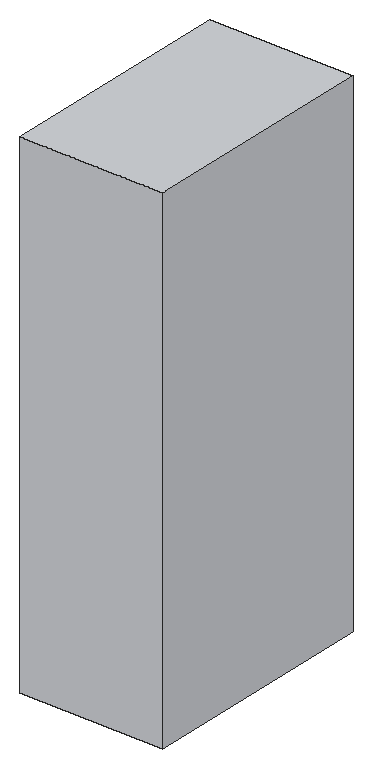
Revit family "第二期車站02_RTU機櫃_600x1000x2100", category 電氣設備, Revit 2025
Family settings
  面板規劃 = 兩欄，回路穿越
  圓形接點標註 = 使用直徑
  組件類型 = 分電盤
  OmniClass 編號 = 23.80.30.11.17
  OmniClass 標題 = Distribution Boards and Control Panels
  以工作平面為基礎 = 否
  總是垂直 = 是
  載入時使用空心切割 = 否
  維持標註方位 = 否
  共用 = 否
  房間計算點 = 否
Parameters (values of type "RTU 與網路機櫃")
  built-in parameter 1155100 [instance] = -1
  Default Elevation = 0 mm
  built-in parameter 1140142 [instance] = -1
  SCADA_高mm [instance] = "2100"
  SCADA_附錄F項次 [instance] = "20"
  SCADA_附錄D項次 [instance] = "11"
  SCADA_編號 [instance] = "P2S02-COMS-RTU-01"
  SCADA_站點 [instance] = "車站 2"
  SCADA_深mm [instance] = "1000"
  SCADA_機櫃類型 [instance] = "RTU 與網路機櫃"
  SCADA_期別 [instance] = "第二期"
  SCADA_房間 [instance] = "COMS/SCADA 設備室"
  SCADA_建物 [instance] = "車站"
  SCADA_尺寸 [instance] = "600W×1000D×2100H"
  SCADA_寬mm [instance] = "600"
  SCADA_定位來源 [instance] = "獨立設備族群（載入專案後定位）"
  SCADA_備註 [instance] = ""
  SCADA_來源文件 [instance] = "Installation SoW_V6（Rev.006, 2026-07-02）附錄 D / F；依原文顏色標示排除已刪除項目"
  SCADA_UPS電源110V [instance] = "雙 UPS 電源（2×4500VA）"
  built-in parameter 1140140 [instance] = 1 (stored number, unit not read)
Reference planes
  plane 1 "中心 (前/後)": y = 0
  plane 2: z = 0
  plane 3 "中心 (左/右)": x = 0
Forms (mm)
  Extrusion 1, solid
    sketch origin (0, 0, 0) x (1, 0, 0) y (0, 1, 0)
      loop
        line (-300, -500) -> (300, -500) -> (300, 500) -> (-300, 500) -> (-300, -500)
    from 0 to 2100
Lines and regions (mm)
  model lines, style "開門線"
    curve 1: line (300, -500, 0) -> (300, -1100, 0)
    curve 2: arc (-300, -500, 0) -> (-124.264, -924.264, 0) -> (300, -1100, 0) r 600
    curve 3: line (-300, 500, 0) -> (-300, 1100, 0)
    curve 4: arc (300, 500, 0) -> (124.264, 924.264, 0) -> (-300, 1100, 0) r 600
Dimensions and locks
  aligned and locked: level to plane 2
